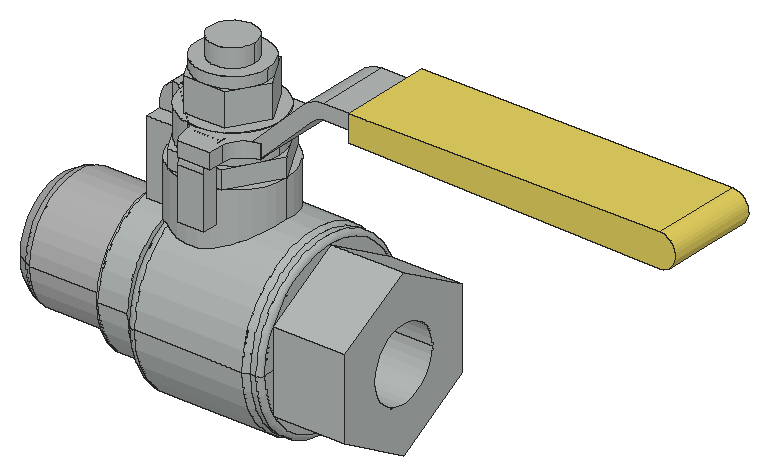
Revit family "QP02560000", category Apparecchi idraulici, Revit 2020
Family settings
  Quota connettore circolare = Usa diametro
  Tipo di parte = Normale
  Numero OmniClass = 23.45.00.00
  Titolo OmniClass = Sanitary, Laundry, and Cleaning Equipment
  Basato su piano di lavoro = No
  Sempre verticale = Sì
  Taglio con vuoti quando caricato = No
  Condiviso = No
  Punto di calcolo locali = No
Parameters
  URL = "https://web.cimberio.com/index.php/figura/1597?subcategoria_id=95643"
  Temperatura di esercizio = "-20° :+60°"
  Prospetto di default = 0 mm
  Produttore = "CIMBERIO SPA"
  Pressione nominale = "MOP 5"
  Modello = "Cim 201/11G"
  Materiale = "Prodotto in lega di ottone conforme alla norma EN 12165-CW617N-DW"
  Descrizione = "Utilizzato nell’impiantistica distributiva di gas a bassa pressione per le categorie:\r\nGas naturali: gas derivati dal petrolio (Metano) e gas di ricambio.\r\nGas di città: prodotti secondo i diversi procedimenti (Cracking - Cokerie - ecc.).\r\nGas liquidi: propano e miscele di gas propano/butano"
  DN Model [instance] = QP02561010 : QP02561010
  DN [instance] = 10 mm
  Commenti sul tipo = "Realizzato in ottemperanza ai requisiti gestionali della norma EN ISO 9001.\r\nCollaudato al 100% secondo la normativa EN 12266-1"
Reference planes
  plane 1 "Centro (Fronte/Retro)": y = 0
  plane 2: z = 0
  plane 3 "Centro (Sinistra/Destra)": x = 0
Dimensions and locks
  aligned and locked: level to plane 2
Nested families
  nested 1: "QP02561010" at (0, 0, 0), type <- "DN Model", type "QP02561010"
  nested 2: "QP02561010" at (0, 0, 0), type <- "DN Model", type "QP02561010"
  nested 3: "QP02561010" at (0, 0, 0), type <- "DN Model", type "QP02561010"
  nested 4: "QP02561010" at (0, 0, 0), type <- "DN Model", type "QP02561010"
Connectors
  piping at (-23.5, 0, 0), diameter 10, driven by "DN"
    settings: on nested 1, index 1, connector inside diameter 609.6 mm, connector length 0 mm, flow factor 0, pipe flow 0.0 L/s, pressure drop 0.0 Pa, fitting loss kfactor 0, connector angle 0.00°, fixture units 0, engagement length 0 mm, angle of deflection 0.00°, flow configuration 0, flow direction 0, fitting loss method 0, system type 7, joint type 0, gender type 0, connector reference index -1, connector utility 0, adjustable connector no, is connector primary yes, connector description ""
  piping at (23.501, 0, 0.117), diameter 10, driven by "DN"
    settings: on nested 1, index 2, connector inside diameter 609.6 mm, connector length 0 mm, flow factor 0, pipe flow 0.0 L/s, pressure drop 0.0 Pa, fitting loss kfactor 0, connector angle 0.00°, fixture units 0, engagement length 0 mm, angle of deflection 0.00°, flow configuration 0, flow direction 0, fitting loss method 0, system type 7, joint type 0, gender type 0, connector reference index -1, connector utility 0, adjustable connector no, is connector primary no, connector description ""
Definition of nested family "QP02561010"
  Parameters (values of type "QP02561010")
    Default Elevation = 0 mm
  Reference planes
    plane 1 "Centro (Fronte/Retro)": y = 0
    plane 2: z = 0
    plane 3 "Centro (Sinistra/Destra)": x = 0
  Forms (mm)
    Extrusion 1, solid
      sketch origin (0, 0, 0) x (1, 0, 0) y (0, 1, 0)
        loop
          circle (0, 0) r 7.5
        loop
          circle (0, 0) r 6
      from 5 to 17.5
    Extrusion 2, solid
      sketch origin (0, 0, 0) x (1, 0, 0) y (0, 1, 0)
        loop
          line (-7.5, 0) -> (-3.75, -6.495) -> (3.75, -6.495) -> (7.5, 0) -> (3.75, 6.495) -> (-3.75, 6.495) -> (-7.5, 0)
      from 17.5 to 20
    Extrusion 3, solid
      sketch origin (0, 0, 0) x (1, 0, 0) y (0, 1, 0)
        loop
          circle (0, 0) r 6.495
        loop
          circle (0, 0) r 4.238
      from 20 to 24.05
    Extrusion 4, solid
      sketch origin (0, 0, 0) x (1, 0, 0) y (0, 1, 0)
        loop
          line (-10, 0) -> (-10, -2.269) -> (-5, -2.269) -> (-5, 0) -> (-10, 0)
      from 8.773 to 20
    Revolve 5, solid
      sketch origin (0, 0, 0.119) x (1, 0, 0) y (0, 1, 0)
        loop
          line (-11, 5.581) -> (13.5, 5.581) -> (13.5, 11.3)
          arc (13.5, 11.3) -> (13.295, 11.795) -> (12.8, 12) r 0.7
          line (12.8, 12) -> (11.966, 12) -> (11.094, 12.25) -> (-3.7, 12.25)
          arc (-3.7, 12.25) -> (-4.208, 12.149) -> (-4.639, 11.861) r 1.328
          line (-4.639, 11.861) -> (-6.5, 10) -> (-10.488, 10)
          arc (-10.488, 10) -> (-10.85, 9.85) -> (-11, 9.488) r 0.512
          line (-11, 9.488) -> (-11, 5.581)
        axis (-11, 0) -> (13.5, 0)
      angle from 0 to 360
    Extrusion 6, solid
      sketch origin (0, 0, 0) x (1, 0, 0) y (0, 0, 1)
        loop
          arc (-6.5, 24.008) -> (-8.936, 23.341) -> (-10, 21.05) r 3
          line (-10, 21.05) -> (-10, 19.609) -> (-8, 19.609) -> (-8, 21.05)
          arc (-8, 21.05) -> (-7.5, 21.916) -> (-6.5, 21.916) r 1
          line (-6.5, 21.916) -> (-6.5, 24.008)
      from -4.887 to 0
    Extrusion 7, solid
      sketch origin (4.143, 0, 0) x (0, 1, 0) y (0, 0, 1)
        loop
          arc (-6.056, 23.858) -> (-8.82, 23.517) -> (-10.113, 21.05) r 3
          line (-10.113, 21.05) -> (-10.113, 14.05) -> (-8, 14.05) -> (-8, 21.05)
          arc (-8, 21.05) -> (-7.167, 22.036) -> (-6.056, 21.379) r 1
          line (-6.056, 21.379) -> (-6.056, 23.858)
      from -3.563 to 0
    Extrusion 8, solid
      sketch origin (0, 0, 0) x (1, 0, 0) y (0, 0, 1)
        loop
          arc (16.658, 32.047) -> (15.124, 31.743) -> (13.824, 30.874) r 4
          line (13.824, 30.874) -> (7, 24.05) -> (7, 22.05)
          arc (7, 22.05) -> (7.765, 22.202) -> (8.414, 22.636) r 2
          line (8.414, 22.636) -> (15.239, 29.461)
          arc (15.239, 29.461) -> (15.888, 29.895) -> (16.654, 30.047) r 2
          line (16.654, 30.047) -> (21.001, 30.047) -> (21.001, 32.047) -> (16.658, 32.047)
      from -4.887 to 5.113
    Extrusion 9, solid
      sketch origin (0, 0, 28.55) x (1, 0, 0) y (0, 1, 0)
        loop
          line (-8, 4.887) -> (-8, -0.264)
          arc (-8, -0.264) -> (-7.505, -0.408) -> (-7, -0.513) r 6.531
          line (-7, -0.513) -> (-0.4, -7.113) -> (0.148, -9.364)
          arc (0.148, -9.364) -> (0.308, -9.771) -> (0.581, -10.113) r 1.461
          line (0.581, -10.113) -> (5, -10.113) -> (5, -8.113)
          arc (5, -8.113) -> (5.879, -5.991) -> (8, -5.113) r 3
          line (8, -5.113) -> (7, 4.887) -> (-8, 4.887)
      from -6.5 to -4.5
    Extrusion 10, solid
      sketch origin (0, 0, 28.55) x (1, 0, 0) y (0, 1, 0)
        loop
          line (-5.599, 0) -> (-2.799, -4.849) -> (2.799, -4.849) -> (5.599, 0) -> (2.799, 4.849) -> (-2.799, 4.849) -> (-5.599, 0)
      from -4.5 to 0
    Extrusion 11, solid
      sketch origin (0, 0, 28.55) x (1, 0, 0) y (0, 1, 0)
        loop
          circle (0, 0) r 4.849
      from 0 to 1.5
    Extrusion 12, solid
      sketch origin (0, 0, 28.55) x (1, 0, 0) y (0, 1, 0)
        loop
          circle (0, 0) r 3.045
      from 1.5 to 4
    Extrusion 13, solid
      sketch origin (0, 0, 0) x (1, 0, 0) y (0, 0, 1)
        loop
          line (21.001, 29.247) -> (63.833, 28.799)
          arc (63.833, 28.799) -> (65.999, 31.047) -> (63.833, 33.296) r 2.25
          line (63.833, 33.296) -> (21.001, 32.847) -> (21.001, 29.247)
      from -6.244 to 6.227
    Extrusion 14, solid
      sketch origin (11, 0, 0.117) x (0, 0, 1) y (0, -1, 0)
        loop
          circle (0, 0) r 5
        loop
          line (11.25, 0) -> (5.476, 10) -> (-5.476, 10) -> (-11.25, 0) -> (-5.476, -10) -> (5.476, -10) -> (11.25, 0)
      from 2.5 to 12.501
    Revolve 15, solid
      sketch origin (0, 0, 0) x (1, 0, 0) y (0, 1, 0)
        loop
          line (-23.5, 7.153) -> (-23.5, 5) -> (-11, 5) -> (-11, 8.25) -> (-21.314, 8.25) -> (-22.174, 7.918) -> (-23.5, 7.153)
        axis (-23.5, 0) -> (-11, 0)
      angle from 0 to 360
  Cuts and joins
    joined: Extrusion 1, Extrusion 4, Revolve 5
  Dimensions and locks
    aligned and locked: level to plane 2
